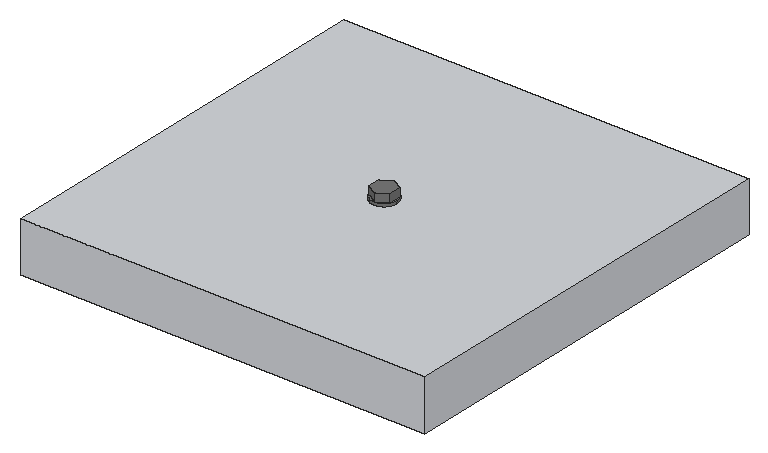
Revit family "Bolt l Type", category Modelos genéricos, Revit 2025
Family settings
  Anfitrión = Cara
  Puede alojar armadura = No
  Cota de conector redondo = Usar diámetro
  Tipo de pieza = Normal
  Corte con vacíos al cargar = No
  Mantener orientación de anotación = No
  Compartido = No
  Punto de cálculo de habitación = No
Parameters (values of type "Perno de Ø3"")
  Ø = 76.2 mm
  b = 100 mm
  Material = JG_Steel - Pernos
  Lookup Table Name = "Anchor & Bolt"
  L = 74 mm
  Default Elevation = 1219.2 mm
  10. SISTEMA = "ESTRUCTURAS"
  06. DESCRIPCION = "1 Tuerca de Acero Ø3\" para Unión y Fijación de Elementos Metálicos"
  03. CODIGO DE ELEMENTO = "MET-ARR-TUE-03"
  02. ELEMENTO = "Tuerca de Acero Ø3\""
Reference planes
  plane 1 "Center (Front/Back)": y = 0
  plane 2: z = 0
  plane 3 "Center (Left/Right)": x = 0
  plane 4: z = -174
  plane 5: z = -74
  plane 6: z = -124
  plane 7: z = -3
Forms (mm)
  Extrusion 1, solid
    sketch origin (0, 0, 0) x (1, 0, 0) y (0, 1, 0)
      loop
        line (-1219.2, 1219.2) -> (-1219.2, -1219.2) -> (1219.2, -1219.2) -> (1219.2, 1219.2) -> (-1219.2, 1219.2)
    from 0 to -304.8
  Sweep 2, solid, material "JG_Steel - Pernos" <- "Material"
    path origin (0, 0, 0) x (1, 0, 0) y (0, 0, 1)
      loop
        line (0, 0) -> (0, -74)
    profile origin (0, 0, -37) x (0, -1, 0) y (1, 0, 0)
      loop
        circle (0, 0) r 38.1
Dimensions and locks
  "L": level to plane 5
  "b": plane 5 to plane 4
  equal spacing: plane 5, plane 6, plane 4
  "Ø": diameter of Sweep 2 sketch curve
  aligned and locked: plane 2 to Extrusion 1
  aligned and locked: level to Extrusion 1
  aligned and locked: Sweep 2 sketch curve to plane 3 "Center (Left/Right)"
  aligned and locked: Extrusion 1 to Sweep 2 sketch curve
  aligned and locked: plane 3 "Center (Left/Right)" to Sweep 2 sketch curve
  aligned and locked: profile plane to plane 1 "Center (Front/Back)"
  aligned and locked: plane 5 to Sweep 2 sketch curve
  aligned and locked: plane 3 "Center (Left/Right)" to nested 1
  aligned and locked: plane 1 "Center (Front/Back)" to nested 1
  aligned and locked: nested 3 to plane 3 "Center (Left/Right)"
  aligned and locked: plane 1 "Center (Front/Back)" to nested 3
  aligned and locked: nested 2 to plane 3 "Center (Left/Right)"
  aligned and locked: nested 2 to plane 1 "Center (Front/Back)"
Automatic sketch dimensions
  Extrusion 1 sketch curve to Extrusion 1 sketch curve = 2438.4 mm  (x2)
  plane 1 "Center (Front/Back)" to Sweep 2 sketch curve = 0 mm
Nested families
  nested 1: "Rod with Detail free" at (0, 0, -74) x (0, -1, 0) z (0, 0, -1), Dimeter Rod Ø <- "Ø", Rod Length <- "b", type "Rod with Detail free"
    with Rod Length 100 mm, Dimeter Rod Ø 76.2 mm, Bar Ø 73.6 mm
  nested 2: "Bolt Head with Washer free" at (0, 0, 0) x (-1, 0, 0) z (0, 0, 1), Material <- "Material", Nominal Ø <- "Ø", type "Bolt Head with Washer free"
    with Nominal Ø 76.2 mm, Material JG_Steel - Pernos
  nested 3: "Bolt Head Nut with Washer free" at (0, 0, -74) x (-1, 0, 0) z (0, 0, -1), Material <- "Material", Nominal Ø <- "Ø", type "Bolt Head Nut with Washer free"
    with Nominal Ø 76.2 mm, Material JG_Steel - Pernos
Definition of nested family "Rod with Detail free"
  Parameters (values of type "Rod with Detail free")
    Rod Length [instance] = 70 mm
    Material = none
    Dimeter Rod Ø [instance] = 25.4 mm
    Default Elevation = 1219.2 mm
    Bar Ø [instance] = Dimeter Rod Ø - 2.6 mm  # 22.8 mm
  Reference planes
    plane 1 "Center (Front/Back)": y = 0
    plane 2: z = 0
    plane 3 "Center (Left/Right)": x = 0
    plane 4: z = 70
  Forms (mm)
    Extrusion 1, solid
      sketch origin (0, 0, 0) x (1, 0, 0) y (0, 1, 0)
        loop
          line (-1219.2, 1219.2) -> (-1219.2, -1219.2) -> (1219.2, -1219.2) -> (1219.2, 1219.2) -> (-1219.2, 1219.2)
      from 0 to -304.8
  Dimensions and locks
    "Rod Length": plane 4 to Extrusion 1
    aligned and locked: plane 2 to Extrusion 1
    aligned and locked: level to Extrusion 1
    aligned and locked: plane 1 "Center (Front/Back)" to nested 1
    aligned and locked: plane 3 "Center (Left/Right)" to nested 1
    aligned and locked: plane 1 "Center (Front/Back)" to nested 2
    aligned and locked: plane 3 "Center (Left/Right)" to nested 2
  Automatic sketch dimensions
    Extrusion 1 sketch curve to Extrusion 1 sketch curve = 2438.4 mm  (x2)
  Nested families
    nested 1: "Rod" at (0, 0, 0), Rod Material <- "Material", Rod L <- "Rod Length", Rod Ø <- "Bar Ø", type "Rod"
      with Rod Ø 22.8 mm, Rod Material none, Rod L 70 mm
    nested 2: "Rod Part" at (0, 0, 0), Rod Ø <- "Dimeter Rod Ø", Rod Length <- "Rod Length", type "Rod Part"
      with Rod Ø 25.4 mm, Rod radius 12.7 mm, Rod Length 70 mm, Array Numbers 46
  Definition of nested family "Rod"
    Parameters (values of type "Rod")
      Rod Ø [instance] = 32 mm
      Rod Material [instance] = none
      Rod L [instance] = 200 mm
      Default Elevation = 1219.2 mm
    Reference planes
      plane 1 "Center (Front/Back)": y = 0
      plane 2: z = 0
      plane 3 "Center (Left/Right)": x = 0
      plane 4: z = 200
    Forms (mm)
      Extrusion 1, solid
        sketch origin (0, 0, 0) x (1, 0, 0) y (0, 1, 0)
          loop
            line (-1219.2, 1219.2) -> (-1219.2, -1219.2) -> (1219.2, -1219.2) -> (1219.2, 1219.2) -> (-1219.2, 1219.2)
        from 0 to -304.8
      Extrusion 2, solid, material <- "Rod Material"
        sketch origin (0, 0, 0) x (1, 0, 0) y (0, 1, 0)
          loop
            circle (0, 0) r 16
        from 0 to 200
    Dimensions and locks
      "Rod L": plane 4 to Extrusion 1
      "Rod Ø": diameter of Extrusion 2 sketch curve
      aligned and locked: plane 2 to Extrusion 1
      aligned and locked: level to Extrusion 1
      aligned and locked: Extrusion 2 to Extrusion 1
      aligned and locked: plane 4 to Extrusion 2
    Automatic sketch dimensions
      Extrusion 1 sketch curve to Extrusion 1 sketch curve = 2438.4 mm  (x2)
      plane 1 "Center (Front/Back)" to Extrusion 2 sketch curve = 0 mm
      Extrusion 2 sketch curve to plane 3 "Center (Left/Right)" = 0 mm
  Definition of nested family "Rod Part"
    Parameters (values of type "Rod Part")
      Rod Ø [instance] = 16 mm
      Rod radius [instance] = Rod Ø / 2  # 8 mm
      Rod material = none
      Rod Length [instance] = 40 mm
      Default Elevation = 1219.2 mm
      Array Numbers [instance] = (Rod Length / 1.5 mm) - 1  # 26
    Reference planes
      plane 1 "Center (Front/Back)": y = 0
      plane 2: z = 0
      plane 3 "Center (Left/Right)": x = 0
      plane 4: x = 8
      plane 5: x = -8
      plane 6: z = 0.75
      plane 7: z = 2.25
      plane 8: z = 1.5
      plane 9: z = 40
      plane 10: z = 3
    Forms (mm)
      Extrusion 1, solid
        sketch origin (0, 0, 0) x (1, 0, 0) y (0, 1, 0)
          loop
            line (-1219.2, 1219.2) -> (-1219.2, -1219.2) -> (1219.2, -1219.2) -> (1219.2, 1219.2) -> (-1219.2, 1219.2)
        from 0 to -304.8
      SweptBlend 2, solid, material <- "Rod material"
        path origin (0, 0, -12.723) x (1, 0, 0) y (0, 1, 0)
          loop
            arc (-8, 0) -> (0, -8) -> (8, 0) r 8
        profile origin (-8, 0, -12.723) x (1, 0, 0) y (0, 0, 1)
          loop
            line (0, 12.75) -> (1.299, 12) -> (1.299, 13.5) -> (0, 12.75)
        end profile origin (8, 0, -12.723) x (-1, 0, 0) y (0, 0, 1)
          loop
            line (0, 12) -> (1.299, 11.25) -> (1.299, 12.75) -> (0, 12)
      SweptBlend 3, solid
        path origin (0, 0, -11.223) x (1, 0, 0) y (0, 1, 0)
          loop
            arc (-8, 0) -> (0, -8) -> (8, 0) r 8
        profile origin (-8, 0, -11.223) x (1, 0, 0) y (0, 0, 1)
          loop
            line (0, 12.75) -> (1.299, 12) -> (1.299, 13.5) -> (0, 12.75)
        end profile origin (8, 0, -11.223) x (-1, 0, 0) y (0, 0, 1)
          loop
            line (0, 12) -> (1.299, 11.25) -> (1.299, 12.75) -> (0, 12)
      SweptBlend 4, solid, material <- "Rod material"
        path origin (0, 0, -9.723) x (1, 0, 0) y (0, 1, 0)
          loop
            arc (-8, 0) -> (0, 8) -> (8, 0) r 8
        profile origin (-8, 0, -9.723) x (-1, 0, 0) y (0, 0, 1)
          loop
            line (0, 9.75) -> (-1.299, 10.5) -> (-1.299, 9) -> (0, 9.75)
        end profile origin (8, 0, -9.723) x (1, 0, 0) y (0, 0, 1)
          loop
            line (0, 10.5) -> (-1.299, 11.25) -> (-1.299, 9.75) -> (0, 10.5)
      SweptBlend 5, solid
        path origin (0, 0, -8.223) x (1, 0, 0) y (0, 1, 0)
          loop
            arc (-8, 0) -> (0, 8) -> (8, 0) r 8
        profile origin (-8, 0, -8.223) x (-1, 0, 0) y (0, 0, 1)
          loop
            line (0, 9.75) -> (-1.299, 10.5) -> (-1.299, 9) -> (0, 9.75)
        end profile origin (8, 0, -8.223) x (1, 0, 0) y (0, 0, 1)
          loop
            line (0, 10.5) -> (-1.299, 11.25) -> (-1.299, 9.75) -> (0, 10.5)
      SweptBlend 6, solid
        path origin (0, 0, -9.75) x (1, 0, 0) y (0, 1, 0)
          loop
            arc (-8, 0) -> (0, -8) -> (8, 0) r 8
        profile origin (-8, 0, -9.75) x (1, 0, 0) y (0, 0, 1)
          loop
            line (0, 12.75) -> (1.299, 12) -> (1.299, 13.5) -> (0, 12.75)
        end profile origin (8, 0, -9.75) x (-1, 0, 0) y (0, 0, 1)
          loop
            line (0, 12) -> (1.299, 11.25) -> (1.299, 12.75) -> (0, 12)
      SweptBlend 7, solid
        path origin (0, 0, -6.75) x (1, 0, 0) y (0, 1, 0)
          loop
            arc (-8, 0) -> (0, 8) -> (8, 0) r 8
        profile origin (-8, 0, -6.75) x (-1, 0, 0) y (0, 0, 1)
          loop
            line (0, 9.75) -> (-1.299, 10.5) -> (-1.299, 9) -> (0, 9.75)
        end profile origin (8, 0, -6.75) x (1, 0, 0) y (0, 0, 1)
          loop
            line (0, 10.5) -> (-1.299, 11.25) -> (-1.299, 9.75) -> (0, 10.5)
      SweptBlend 8, solid
        path origin (0, 0, -8.277) x (1, 0, 0) y (0, 1, 0)
          loop
            arc (-8, 0) -> (0, -8) -> (8, 0) r 8
        profile origin (-8, 0, -8.277) x (1, 0, 0) y (0, 0, 1)
          loop
            line (0, 12.75) -> (1.299, 12) -> (1.299, 13.5) -> (0, 12.75)
        end profile origin (8, 0, -8.277) x (-1, 0, 0) y (0, 0, 1)
          loop
            line (0, 12) -> (1.299, 11.25) -> (1.299, 12.75) -> (0, 12)
      SweptBlend 9, solid
        path origin (0, 0, -5.277) x (1, 0, 0) y (0, 1, 0)
          loop
            arc (-8, 0) -> (0, 8) -> (8, 0) r 8
        profile origin (-8, 0, -5.277) x (-1, 0, 0) y (0, 0, 1)
          loop
            line (0, 9.75) -> (-1.299, 10.5) -> (-1.299, 9) -> (0, 9.75)
        end profile origin (8, 0, -5.277) x (1, 0, 0) y (0, 0, 1)
          loop
            line (0, 10.5) -> (-1.299, 11.25) -> (-1.299, 9.75) -> (0, 10.5)
      SweptBlend 10, solid
        path origin (0, 0, -6.805) x (1, 0, 0) y (0, 1, 0)
          loop
            arc (-8, 0) -> (0, -8) -> (8, 0) r 8
        profile origin (-8, 0, -6.805) x (1, 0, 0) y (0, 0, 1)
          loop
            line (0, 12.75) -> (1.299, 12) -> (1.299, 13.5) -> (0, 12.75)
        end profile origin (8, 0, -6.805) x (-1, 0, 0) y (0, 0, 1)
          loop
            line (0, 12) -> (1.299, 11.25) -> (1.299, 12.75) -> (0, 12)
      SweptBlend 11, solid
        path origin (0, 0, -3.805) x (1, 0, 0) y (0, 1, 0)
          loop
            arc (-8, 0) -> (0, 8) -> (8, 0) r 8
        profile origin (-8, 0, -3.805) x (-1, 0, 0) y (0, 0, 1)
          loop
            line (0, 9.75) -> (-1.299, 10.5) -> (-1.299, 9) -> (0, 9.75)
        end profile origin (8, 0, -3.805) x (1, 0, 0) y (0, 0, 1)
          loop
            line (0, 10.5) -> (-1.299, 11.25) -> (-1.299, 9.75) -> (0, 10.5)
      SweptBlend 12, solid
        path origin (0, 0, -5.332) x (1, 0, 0) y (0, 1, 0)
          loop
            arc (-8, 0) -> (0, -8) -> (8, 0) r 8
        profile origin (-8, 0, -5.332) x (1, 0, 0) y (0, 0, 1)
          loop
            line (0, 12.75) -> (1.299, 12) -> (1.299, 13.5) -> (0, 12.75)
        end profile origin (8, 0, -5.332) x (-1, 0, 0) y (0, 0, 1)
          loop
            line (0, 12) -> (1.299, 11.25) -> (1.299, 12.75) -> (0, 12)
      SweptBlend 13, solid
        path origin (0, 0, -2.332) x (1, 0, 0) y (0, 1, 0)
          loop
            arc (-8, 0) -> (0, 8) -> (8, 0) r 8
        profile origin (-8, 0, -2.332) x (-1, 0, 0) y (0, 0, 1)
          loop
            line (0, 9.75) -> (-1.299, 10.5) -> (-1.299, 9) -> (0, 9.75)
        end profile origin (8, 0, -2.332) x (1, 0, 0) y (0, 0, 1)
          loop
            line (0, 10.5) -> (-1.299, 11.25) -> (-1.299, 9.75) -> (0, 10.5)
      SweptBlend 14, solid
        path origin (0, 0, -3.86) x (1, 0, 0) y (0, 1, 0)
          loop
            arc (-8, 0) -> (0, -8) -> (8, 0) r 8
        profile origin (-8, 0, -3.86) x (1, 0, 0) y (0, 0, 1)
          loop
            line (0, 12.75) -> (1.299, 12) -> (1.299, 13.5) -> (0, 12.75)
        end profile origin (8, 0, -3.86) x (-1, 0, 0) y (0, 0, 1)
          loop
            line (0, 12) -> (1.299, 11.25) -> (1.299, 12.75) -> (0, 12)
      SweptBlend 15, solid
        path origin (0, 0, -0.86) x (1, 0, 0) y (0, 1, 0)
          loop
            arc (-8, 0) -> (0, 8) -> (8, 0) r 8
        profile origin (-8, 0, -0.86) x (-1, 0, 0) y (0, 0, 1)
          loop
            line (0, 9.75) -> (-1.299, 10.5) -> (-1.299, 9) -> (0, 9.75)
        end profile origin (8, 0, -0.86) x (1, 0, 0) y (0, 0, 1)
          loop
            line (0, 10.5) -> (-1.299, 11.25) -> (-1.299, 9.75) -> (0, 10.5)
      SweptBlend 16, solid
        path origin (0, 0, -2.387) x (1, 0, 0) y (0, 1, 0)
          loop
            arc (-8, 0) -> (0, -8) -> (8, 0) r 8
        profile origin (-8, 0, -2.387) x (1, 0, 0) y (0, 0, 1)
          loop
            line (0, 12.75) -> (1.299, 12) -> (1.299, 13.5) -> (0, 12.75)
        end profile origin (8, 0, -2.387) x (-1, 0, 0) y (0, 0, 1)
          loop
            line (0, 12) -> (1.299, 11.25) -> (1.299, 12.75) -> (0, 12)
      SweptBlend 17, solid
        path origin (0, 0, 0.613) x (1, 0, 0) y (0, 1, 0)
          loop
            arc (-8, 0) -> (0, 8) -> (8, 0) r 8
        profile origin (-8, 0, 0.613) x (-1, 0, 0) y (0, 0, 1)
          loop
            line (0, 9.75) -> (-1.299, 10.5) -> (-1.299, 9) -> (0, 9.75)
        end profile origin (8, 0, 0.613) x (1, 0, 0) y (0, 0, 1)
          loop
            line (0, 10.5) -> (-1.299, 11.25) -> (-1.299, 9.75) -> (0, 10.5)
      SweptBlend 18, solid
        path origin (0, 0, -0.915) x (1, 0, 0) y (0, 1, 0)
          loop
            arc (-8, 0) -> (0, -8) -> (8, 0) r 8
        profile origin (-8, 0, -0.915) x (1, 0, 0) y (0, 0, 1)
          loop
            line (0, 12.75) -> (1.299, 12) -> (1.299, 13.5) -> (0, 12.75)
        end profile origin (8, 0, -0.915) x (-1, 0, 0) y (0, 0, 1)
          loop
            line (0, 12) -> (1.299, 11.25) -> (1.299, 12.75) -> (0, 12)
      SweptBlend 19, solid
        path origin (0, 0, 2.085) x (1, 0, 0) y (0, 1, 0)
          loop
            arc (-8, 0) -> (0, 8) -> (8, 0) r 8
        profile origin (-8, 0, 2.085) x (-1, 0, 0) y (0, 0, 1)
          loop
            line (0, 9.75) -> (-1.299, 10.5) -> (-1.299, 9) -> (0, 9.75)
        end profile origin (8, 0, 2.085) x (1, 0, 0) y (0, 0, 1)
          loop
            line (0, 10.5) -> (-1.299, 11.25) -> (-1.299, 9.75) -> (0, 10.5)
      SweptBlend 20, solid
        path origin (0, 0, 0.558) x (1, 0, 0) y (0, 1, 0)
          loop
            arc (-8, 0) -> (0, -8) -> (8, 0) r 8
        profile origin (-8, 0, 0.558) x (1, 0, 0) y (0, 0, 1)
          loop
            line (0, 12.75) -> (1.299, 12) -> (1.299, 13.5) -> (0, 12.75)
        end profile origin (8, 0, 0.558) x (-1, 0, 0) y (0, 0, 1)
          loop
            line (0, 12) -> (1.299, 11.25) -> (1.299, 12.75) -> (0, 12)
      SweptBlend 21, solid
        path origin (0, 0, 3.558) x (1, 0, 0) y (0, 1, 0)
          loop
            arc (-8, 0) -> (0, 8) -> (8, 0) r 8
        profile origin (-8, 0, 3.558) x (-1, 0, 0) y (0, 0, 1)
          loop
            line (0, 9.75) -> (-1.299, 10.5) -> (-1.299, 9) -> (0, 9.75)
        end profile origin (8, 0, 3.558) x (1, 0, 0) y (0, 0, 1)
          loop
            line (0, 10.5) -> (-1.299, 11.25) -> (-1.299, 9.75) -> (0, 10.5)
      SweptBlend 22, solid
        path origin (0, 0, 2.031) x (1, 0, 0) y (0, 1, 0)
          loop
            arc (-8, 0) -> (0, -8) -> (8, 0) r 8
        profile origin (-8, 0, 2.031) x (1, 0, 0) y (0, 0, 1)
          loop
            line (0, 12.75) -> (1.299, 12) -> (1.299, 13.5) -> (0, 12.75)
        end profile origin (8, 0, 2.031) x (-1, 0, 0) y (0, 0, 1)
          loop
            line (0, 12) -> (1.299, 11.25) -> (1.299, 12.75) -> (0, 12)
      SweptBlend 23, solid
        path origin (0, 0, 5.031) x (1, 0, 0) y (0, 1, 0)
          loop
            arc (-8, 0) -> (0, 8) -> (8, 0) r 8
        profile origin (-8, 0, 5.031) x (-1, 0, 0) y (0, 0, 1)
          loop
            line (0, 9.75) -> (-1.299, 10.5) -> (-1.299, 9) -> (0, 9.75)
        end profile origin (8, 0, 5.031) x (1, 0, 0) y (0, 0, 1)
          loop
            line (0, 10.5) -> (-1.299, 11.25) -> (-1.299, 9.75) -> (0, 10.5)
      SweptBlend 24, solid
        path origin (0, 0, 3.503) x (1, 0, 0) y (0, 1, 0)
          loop
            arc (-8, 0) -> (0, -8) -> (8, 0) r 8
        profile origin (-8, 0, 3.503) x (1, 0, 0) y (0, 0, 1)
          loop
            line (0, 12.75) -> (1.299, 12) -> (1.299, 13.5) -> (0, 12.75)
        end profile origin (8, 0, 3.503) x (-1, 0, 0) y (0, 0, 1)
          loop
            line (0, 12) -> (1.299, 11.25) -> (1.299, 12.75) -> (0, 12)
      SweptBlend 25, solid
        path origin (0, 0, 6.503) x (1, 0, 0) y (0, 1, 0)
          loop
            arc (-8, 0) -> (0, 8) -> (8, 0) r 8
        profile origin (-8, 0, 6.503) x (-1, 0, 0) y (0, 0, 1)
          loop
            line (0, 9.75) -> (-1.299, 10.5) -> (-1.299, 9) -> (0, 9.75)
        end profile origin (8, 0, 6.503) x (1, 0, 0) y (0, 0, 1)
          loop
            line (0, 10.5) -> (-1.299, 11.25) -> (-1.299, 9.75) -> (0, 10.5)
      SweptBlend 26, solid
        path origin (0, 0, 4.976) x (1, 0, 0) y (0, 1, 0)
          loop
            arc (-8, 0) -> (0, -8) -> (8, 0) r 8
        profile origin (-8, 0, 4.976) x (1, 0, 0) y (0, 0, 1)
          loop
            line (0, 12.75) -> (1.299, 12) -> (1.299, 13.5) -> (0, 12.75)
        end profile origin (8, 0, 4.976) x (-1, 0, 0) y (0, 0, 1)
          loop
            line (0, 12) -> (1.299, 11.25) -> (1.299, 12.75) -> (0, 12)
      SweptBlend 27, solid
        path origin (0, 0, 7.976) x (1, 0, 0) y (0, 1, 0)
          loop
            arc (-8, 0) -> (0, 8) -> (8, 0) r 8
        profile origin (-8, 0, 7.976) x (-1, 0, 0) y (0, 0, 1)
          loop
            line (0, 9.75) -> (-1.299, 10.5) -> (-1.299, 9) -> (0, 9.75)
        end profile origin (8, 0, 7.976) x (1, 0, 0) y (0, 0, 1)
          loop
            line (0, 10.5) -> (-1.299, 11.25) -> (-1.299, 9.75) -> (0, 10.5)
      SweptBlend 28, solid
        path origin (0, 0, 6.448) x (1, 0, 0) y (0, 1, 0)
          loop
            arc (-8, 0) -> (0, -8) -> (8, 0) r 8
        profile origin (-8, 0, 6.448) x (1, 0, 0) y (0, 0, 1)
          loop
            line (0, 12.75) -> (1.299, 12) -> (1.299, 13.5) -> (0, 12.75)
        end profile origin (8, 0, 6.448) x (-1, 0, 0) y (0, 0, 1)
          loop
            line (0, 12) -> (1.299, 11.25) -> (1.299, 12.75) -> (0, 12)
      SweptBlend 29, solid
        path origin (0, 0, 9.448) x (1, 0, 0) y (0, 1, 0)
          loop
            arc (-8, 0) -> (0, 8) -> (8, 0) r 8
        profile origin (-8, 0, 9.448) x (-1, 0, 0) y (0, 0, 1)
          loop
            line (0, 9.75) -> (-1.299, 10.5) -> (-1.299, 9) -> (0, 9.75)
        end profile origin (8, 0, 9.448) x (1, 0, 0) y (0, 0, 1)
          loop
            line (0, 10.5) -> (-1.299, 11.25) -> (-1.299, 9.75) -> (0, 10.5)
      SweptBlend 30, solid
        path origin (0, 0, 7.921) x (1, 0, 0) y (0, 1, 0)
          loop
            arc (-8, 0) -> (0, -8) -> (8, 0) r 8
        profile origin (-8, 0, 7.921) x (1, 0, 0) y (0, 0, 1)
          loop
            line (0, 12.75) -> (1.299, 12) -> (1.299, 13.5) -> (0, 12.75)
        end profile origin (8, 0, 7.921) x (-1, 0, 0) y (0, 0, 1)
          loop
            line (0, 12) -> (1.299, 11.25) -> (1.299, 12.75) -> (0, 12)
      SweptBlend 31, solid
        path origin (0, 0, 10.921) x (1, 0, 0) y (0, 1, 0)
          loop
            arc (-8, 0) -> (0, 8) -> (8, 0) r 8
        profile origin (-8, 0, 10.921) x (-1, 0, 0) y (0, 0, 1)
          loop
            line (0, 9.75) -> (-1.299, 10.5) -> (-1.299, 9) -> (0, 9.75)
        end profile origin (8, 0, 10.921) x (1, 0, 0) y (0, 0, 1)
          loop
            line (0, 10.5) -> (-1.299, 11.25) -> (-1.299, 9.75) -> (0, 10.5)
      SweptBlend 32, solid
        path origin (0, 0, 9.393) x (1, 0, 0) y (0, 1, 0)
          loop
            arc (-8, 0) -> (0, -8) -> (8, 0) r 8
        profile origin (-8, 0, 9.393) x (1, 0, 0) y (0, 0, 1)
          loop
            line (0, 12.75) -> (1.299, 12) -> (1.299, 13.5) -> (0, 12.75)
        end profile origin (8, 0, 9.393) x (-1, 0, 0) y (0, 0, 1)
          loop
            line (0, 12) -> (1.299, 11.25) -> (1.299, 12.75) -> (0, 12)
      SweptBlend 33, solid
        path origin (0, 0, 12.393) x (1, 0, 0) y (0, 1, 0)
          loop
            arc (-8, 0) -> (0, 8) -> (8, 0) r 8
        profile origin (-8, 0, 12.393) x (-1, 0, 0) y (0, 0, 1)
          loop
            line (0, 9.75) -> (-1.299, 10.5) -> (-1.299, 9) -> (0, 9.75)
        end profile origin (8, 0, 12.393) x (1, 0, 0) y (0, 0, 1)
          loop
            line (0, 10.5) -> (-1.299, 11.25) -> (-1.299, 9.75) -> (0, 10.5)
      SweptBlend 34, solid
        path origin (0, 0, 10.866) x (1, 0, 0) y (0, 1, 0)
          loop
            arc (-8, 0) -> (0, -8) -> (8, 0) r 8
        profile origin (-8, 0, 10.866) x (1, 0, 0) y (0, 0, 1)
          loop
            line (0, 12.75) -> (1.299, 12) -> (1.299, 13.5) -> (0, 12.75)
        end profile origin (8, 0, 10.866) x (-1, 0, 0) y (0, 0, 1)
          loop
            line (0, 12) -> (1.299, 11.25) -> (1.299, 12.75) -> (0, 12)
      SweptBlend 35, solid
        path origin (0, 0, 13.866) x (1, 0, 0) y (0, 1, 0)
          loop
            arc (-8, 0) -> (0, 8) -> (8, 0) r 8
        profile origin (-8, 0, 13.866) x (-1, 0, 0) y (0, 0, 1)
          loop
            line (0, 9.75) -> (-1.299, 10.5) -> (-1.299, 9) -> (0, 9.75)
        end profile origin (8, 0, 13.866) x (1, 0, 0) y (0, 0, 1)
          loop
            line (0, 10.5) -> (-1.299, 11.25) -> (-1.299, 9.75) -> (0, 10.5)
      SweptBlend 36, solid
        path origin (0, 0, 12.339) x (1, 0, 0) y (0, 1, 0)
          loop
            arc (-8, 0) -> (0, -8) -> (8, 0) r 8
        profile origin (-8, 0, 12.339) x (1, 0, 0) y (0, 0, 1)
          loop
            line (0, 12.75) -> (1.299, 12) -> (1.299, 13.5) -> (0, 12.75)
        end profile origin (8, 0, 12.339) x (-1, 0, 0) y (0, 0, 1)
          loop
            line (0, 12) -> (1.299, 11.25) -> (1.299, 12.75) -> (0, 12)
      SweptBlend 37, solid
        path origin (0, 0, 15.339) x (1, 0, 0) y (0, 1, 0)
          loop
            arc (-8, 0) -> (0, 8) -> (8, 0) r 8
        profile origin (-8, 0, 15.339) x (-1, 0, 0) y (0, 0, 1)
          loop
            line (0, 9.75) -> (-1.299, 10.5) -> (-1.299, 9) -> (0, 9.75)
        end profile origin (8, 0, 15.339) x (1, 0, 0) y (0, 0, 1)
          loop
            line (0, 10.5) -> (-1.299, 11.25) -> (-1.299, 9.75) -> (0, 10.5)
      SweptBlend 38, solid
        path origin (0, 0, 13.811) x (1, 0, 0) y (0, 1, 0)
          loop
            arc (-8, 0) -> (0, -8) -> (8, 0) r 8
        profile origin (-8, 0, 13.811) x (1, 0, 0) y (0, 0, 1)
          loop
            line (0, 12.75) -> (1.299, 12) -> (1.299, 13.5) -> (0, 12.75)
        end profile origin (8, 0, 13.811) x (-1, 0, 0) y (0, 0, 1)
          loop
            line (0, 12) -> (1.299, 11.25) -> (1.299, 12.75) -> (0, 12)
      SweptBlend 39, solid
        path origin (0, 0, 16.811) x (1, 0, 0) y (0, 1, 0)
          loop
            arc (-8, 0) -> (0, 8) -> (8, 0) r 8
        profile origin (-8, 0, 16.811) x (-1, 0, 0) y (0, 0, 1)
          loop
            line (0, 9.75) -> (-1.299, 10.5) -> (-1.299, 9) -> (0, 9.75)
        end profile origin (8, 0, 16.811) x (1, 0, 0) y (0, 0, 1)
          loop
            line (0, 10.5) -> (-1.299, 11.25) -> (-1.299, 9.75) -> (0, 10.5)
      SweptBlend 40, solid
        path origin (0, 0, 15.284) x (1, 0, 0) y (0, 1, 0)
          loop
            arc (-8, 0) -> (0, -8) -> (8, 0) r 8
        profile origin (-8, 0, 15.284) x (1, 0, 0) y (0, 0, 1)
          loop
            line (0, 12.75) -> (1.299, 12) -> (1.299, 13.5) -> (0, 12.75)
        end profile origin (8, 0, 15.284) x (-1, 0, 0) y (0, 0, 1)
          loop
            line (0, 12) -> (1.299, 11.25) -> (1.299, 12.75) -> (0, 12)
      SweptBlend 41, solid
        path origin (0, 0, 18.284) x (1, 0, 0) y (0, 1, 0)
          loop
            arc (-8, 0) -> (0, 8) -> (8, 0) r 8
        profile origin (-8, 0, 18.284) x (-1, 0, 0) y (0, 0, 1)
          loop
            line (0, 9.75) -> (-1.299, 10.5) -> (-1.299, 9) -> (0, 9.75)
        end profile origin (8, 0, 18.284) x (1, 0, 0) y (0, 0, 1)
          loop
            line (0, 10.5) -> (-1.299, 11.25) -> (-1.299, 9.75) -> (0, 10.5)
      SweptBlend 42, solid
        path origin (0, 0, 16.756) x (1, 0, 0) y (0, 1, 0)
          loop
            arc (-8, 0) -> (0, -8) -> (8, 0) r 8
        profile origin (-8, 0, 16.756) x (1, 0, 0) y (0, 0, 1)
          loop
            line (0, 12.75) -> (1.299, 12) -> (1.299, 13.5) -> (0, 12.75)
        end profile origin (8, 0, 16.756) x (-1, 0, 0) y (0, 0, 1)
          loop
            line (0, 12) -> (1.299, 11.25) -> (1.299, 12.75) -> (0, 12)
      SweptBlend 43, solid
        path origin (0, 0, 19.756) x (1, 0, 0) y (0, 1, 0)
          loop
            arc (-8, 0) -> (0, 8) -> (8, 0) r 8
        profile origin (-8, 0, 19.756) x (-1, 0, 0) y (0, 0, 1)
          loop
            line (0, 9.75) -> (-1.299, 10.5) -> (-1.299, 9) -> (0, 9.75)
        end profile origin (8, 0, 19.756) x (1, 0, 0) y (0, 0, 1)
          loop
            line (0, 10.5) -> (-1.299, 11.25) -> (-1.299, 9.75) -> (0, 10.5)
      SweptBlend 44, solid
        path origin (0, 0, 18.229) x (1, 0, 0) y (0, 1, 0)
          loop
            arc (-8, 0) -> (0, -8) -> (8, 0) r 8
        profile origin (-8, 0, 18.229) x (1, 0, 0) y (0, 0, 1)
          loop
            line (0, 12.75) -> (1.299, 12) -> (1.299, 13.5) -> (0, 12.75)
        end profile origin (8, 0, 18.229) x (-1, 0, 0) y (0, 0, 1)
          loop
            line (0, 12) -> (1.299, 11.25) -> (1.299, 12.75) -> (0, 12)
      SweptBlend 45, solid
        path origin (0, 0, 21.229) x (1, 0, 0) y (0, 1, 0)
          loop
            arc (-8, 0) -> (0, 8) -> (8, 0) r 8
        profile origin (-8, 0, 21.229) x (-1, 0, 0) y (0, 0, 1)
          loop
            line (0, 9.75) -> (-1.299, 10.5) -> (-1.299, 9) -> (0, 9.75)
        end profile origin (8, 0, 21.229) x (1, 0, 0) y (0, 0, 1)
          loop
            line (0, 10.5) -> (-1.299, 11.25) -> (-1.299, 9.75) -> (0, 10.5)
      SweptBlend 46, solid
        path origin (0, 0, 19.701) x (1, 0, 0) y (0, 1, 0)
          loop
            arc (-8, 0) -> (0, -8) -> (8, 0) r 8
        profile origin (-8, 0, 19.701) x (1, 0, 0) y (0, 0, 1)
          loop
            line (0, 12.75) -> (1.299, 12) -> (1.299, 13.5) -> (0, 12.75)
        end profile origin (8, 0, 19.701) x (-1, 0, 0) y (0, 0, 1)
          loop
            line (0, 12) -> (1.299, 11.25) -> (1.299, 12.75) -> (0, 12)
      SweptBlend 47, solid
        path origin (0, 0, 22.701) x (1, 0, 0) y (0, 1, 0)
          loop
            arc (-8, 0) -> (0, 8) -> (8, 0) r 8
        profile origin (-8, 0, 22.701) x (-1, 0, 0) y (0, 0, 1)
          loop
            line (0, 9.75) -> (-1.299, 10.5) -> (-1.299, 9) -> (0, 9.75)
        end profile origin (8, 0, 22.701) x (1, 0, 0) y (0, 0, 1)
          loop
            line (0, 10.5) -> (-1.299, 11.25) -> (-1.299, 9.75) -> (0, 10.5)
      SweptBlend 48, solid
        path origin (0, 0, 21.174) x (1, 0, 0) y (0, 1, 0)
          loop
            arc (-8, 0) -> (0, -8) -> (8, 0) r 8
        profile origin (-8, 0, 21.174) x (1, 0, 0) y (0, 0, 1)
          loop
            line (0, 12.75) -> (1.299, 12) -> (1.299, 13.5) -> (0, 12.75)
        end profile origin (8, 0, 21.174) x (-1, 0, 0) y (0, 0, 1)
          loop
            line (0, 12) -> (1.299, 11.25) -> (1.299, 12.75) -> (0, 12)
      SweptBlend 49, solid
        path origin (0, 0, 24.174) x (1, 0, 0) y (0, 1, 0)
          loop
            arc (-8, 0) -> (0, 8) -> (8, 0) r 8
        profile origin (-8, 0, 24.174) x (-1, 0, 0) y (0, 0, 1)
          loop
            line (0, 9.75) -> (-1.299, 10.5) -> (-1.299, 9) -> (0, 9.75)
        end profile origin (8, 0, 24.174) x (1, 0, 0) y (0, 0, 1)
          loop
            line (0, 10.5) -> (-1.299, 11.25) -> (-1.299, 9.75) -> (0, 10.5)
      SweptBlend 50, solid
        path origin (0, 0, 22.647) x (1, 0, 0) y (0, 1, 0)
          loop
            arc (-8, 0) -> (0, -8) -> (8, 0) r 8
        profile origin (-8, 0, 22.647) x (1, 0, 0) y (0, 0, 1)
          loop
            line (0, 12.75) -> (1.299, 12) -> (1.299, 13.5) -> (0, 12.75)
        end profile origin (8, 0, 22.647) x (-1, 0, 0) y (0, 0, 1)
          loop
            line (0, 12) -> (1.299, 11.25) -> (1.299, 12.75) -> (0, 12)
      SweptBlend 51, solid
        path origin (0, 0, 25.647) x (1, 0, 0) y (0, 1, 0)
          loop
            arc (-8, 0) -> (0, 8) -> (8, 0) r 8
        profile origin (-8, 0, 25.647) x (-1, 0, 0) y (0, 0, 1)
          loop
            line (0, 9.75) -> (-1.299, 10.5) -> (-1.299, 9) -> (0, 9.75)
        end profile origin (8, 0, 25.647) x (1, 0, 0) y (0, 0, 1)
          loop
            line (0, 10.5) -> (-1.299, 11.25) -> (-1.299, 9.75) -> (0, 10.5)
      SweptBlend 52, solid, material <- "Rod material"
        path origin (0, 0, 24.119) x (1, 0, 0) y (0, 1, 0)
          loop
            arc (-8, 0) -> (0, -8) -> (8, 0) r 8
        profile origin (-8, 0, 24.119) x (1, 0, 0) y (0, 0, 1)
          loop
            line (0, 12.75) -> (1.299, 12) -> (1.299, 13.5) -> (0, 12.75)
        end profile origin (8, 0, 24.119) x (-1, 0, 0) y (0, 0, 1)
          loop
            line (0, 12) -> (1.299, 11.25) -> (1.299, 12.75) -> (0, 12)
      SweptBlend 53, solid, material <- "Rod material"
        path origin (0, 0, 27.119) x (1, 0, 0) y (0, 1, 0)
          loop
            arc (-8, 0) -> (0, 8) -> (8, 0) r 8
        profile origin (-8, 0, 27.119) x (-1, 0, 0) y (0, 0, 1)
          loop
            line (0, 9.75) -> (-1.299, 10.5) -> (-1.299, 9) -> (0, 9.75)
        end profile origin (8, 0, 27.119) x (1, 0, 0) y (0, 0, 1)
          loop
            line (0, 10.5) -> (-1.299, 11.25) -> (-1.299, 9.75) -> (0, 10.5)
      SweptBlend 54, solid
        path origin (0, 0, 25.592) x (1, 0, 0) y (0, 1, 0)
          loop
            arc (-8, 0) -> (0, -8) -> (8, 0) r 8
        profile origin (-8, 0, 25.592) x (1, 0, 0) y (0, 0, 1)
          loop
            line (0, 12.75) -> (1.299, 12) -> (1.299, 13.5) -> (0, 12.75)
        end profile origin (8, 0, 25.592) x (-1, 0, 0) y (0, 0, 1)
          loop
            line (0, 12) -> (1.299, 11.25) -> (1.299, 12.75) -> (0, 12)
      SweptBlend 55, solid
        path origin (0, 0, 28.592) x (1, 0, 0) y (0, 1, 0)
          loop
            arc (-8, 0) -> (0, 8) -> (8, 0) r 8
        profile origin (-8, 0, 28.592) x (-1, 0, 0) y (0, 0, 1)
          loop
            line (0, 9.75) -> (-1.299, 10.5) -> (-1.299, 9) -> (0, 9.75)
        end profile origin (8, 0, 28.592) x (1, 0, 0) y (0, 0, 1)
          loop
            line (0, 10.5) -> (-1.299, 11.25) -> (-1.299, 9.75) -> (0, 10.5)
    Dimensions and locks
      equal spacing: plane 5, plane 3 "Center (Left/Right)", plane 4
      "Rod Ø": plane 5 to plane 4
      plane 6 to Extrusion 1 = 0.75 mm
      "Rod Length": plane 9 to Extrusion 1
      equal spacing: group 1, group 2, group 3, group 4, group 5, group 6, group 7, group 8, group 9, group 10, group 11, group 12, group 13, group 14, group 15, group 16, group 17, group 18, group 19, group 20, group 21, group 22, group 23, group 24, group 25, group 26  (x3)
      "Rod radius": radius of SweptBlend 2 sketch curve
      "Rod radius": radius of SweptBlend 3 sketch curve
      "Rod radius": radius of SweptBlend 4 sketch curve
      "Rod radius": radius of SweptBlend 5 sketch curve
      "Rod radius": radius of SweptBlend 6 sketch curve
      "Rod radius": radius of SweptBlend 7 sketch curve
      "Rod radius": radius of SweptBlend 8 sketch curve
      "Rod radius": radius of SweptBlend 9 sketch curve
      "Rod radius": radius of SweptBlend 10 sketch curve
      "Rod radius": radius of SweptBlend 11 sketch curve
      "Rod radius": radius of SweptBlend 12 sketch curve
      "Rod radius": radius of SweptBlend 13 sketch curve
      "Rod radius": radius of SweptBlend 14 sketch curve
      "Rod radius": radius of SweptBlend 15 sketch curve
      "Rod radius": radius of SweptBlend 16 sketch curve
      "Rod radius": radius of SweptBlend 17 sketch curve
      "Rod radius": radius of SweptBlend 18 sketch curve
      "Rod radius": radius of SweptBlend 19 sketch curve
      "Rod radius": radius of SweptBlend 20 sketch curve
      "Rod radius": radius of SweptBlend 21 sketch curve
      "Rod radius": radius of SweptBlend 22 sketch curve
      "Rod radius": radius of SweptBlend 23 sketch curve
      "Rod radius": radius of SweptBlend 24 sketch curve
      "Rod radius": radius of SweptBlend 25 sketch curve
      "Rod radius": radius of SweptBlend 26 sketch curve
      "Rod radius": radius of SweptBlend 27 sketch curve
      "Rod radius": radius of SweptBlend 28 sketch curve
      "Rod radius": radius of SweptBlend 29 sketch curve
      "Rod radius": radius of SweptBlend 30 sketch curve
      "Rod radius": radius of SweptBlend 31 sketch curve
      "Rod radius": radius of SweptBlend 32 sketch curve
      "Rod radius": radius of SweptBlend 33 sketch curve
      "Rod radius": radius of SweptBlend 34 sketch curve
      "Rod radius": radius of SweptBlend 35 sketch curve
      "Rod radius": radius of SweptBlend 36 sketch curve
      "Rod radius": radius of SweptBlend 37 sketch curve
      "Rod radius": radius of SweptBlend 38 sketch curve
      "Rod radius": radius of SweptBlend 39 sketch curve
      "Rod radius": radius of SweptBlend 40 sketch curve
      "Rod radius": radius of SweptBlend 41 sketch curve
      "Rod radius": radius of SweptBlend 42 sketch curve
      "Rod radius": radius of SweptBlend 43 sketch curve
      "Rod radius": radius of SweptBlend 44 sketch curve
      "Rod radius": radius of SweptBlend 45 sketch curve
      "Rod radius": radius of SweptBlend 46 sketch curve
      "Rod radius": radius of SweptBlend 47 sketch curve
      "Rod radius": radius of SweptBlend 48 sketch curve
      "Rod radius": radius of SweptBlend 49 sketch curve
      "Rod radius": radius of SweptBlend 50 sketch curve
      "Rod radius": radius of SweptBlend 51 sketch curve
      "Rod radius": radius of SweptBlend 52 sketch curve
      "Rod radius": radius of SweptBlend 53 sketch curve
      "Rod radius": radius of SweptBlend 54 sketch curve
      "Rod radius": radius of SweptBlend 55 sketch curve
      aligned and locked: plane 2 to Extrusion 1
      aligned and locked: level to Extrusion 1
    Automatic sketch dimensions
      Extrusion 1 sketch curve to Extrusion 1 sketch curve = 2438.4 mm  (x2)
      profile plane to SweptBlend 2 sketch curve = 0 mm
      SweptBlend 2 sketch curve to profile plane = 1.299 mm  (x2)
      profile plane to SweptBlend 2 sketch curve = 12 mm
      SweptBlend 2 sketch curve to SweptBlend 2 sketch curve = 0.75 mm  (x4)
      SweptBlend 2 sketch curve to profile plane = 0 mm
      profile plane to SweptBlend 3 sketch curve = 0 mm  (x2)
      SweptBlend 3 sketch curve to profile plane = 1.299 mm  (x4)
      profile plane to SweptBlend 3 sketch curve = 12 mm  (x2)
      SweptBlend 3 sketch curve to profile plane = 0 mm  (x2)
      SweptBlend 4 sketch curve to profile plane = 0 mm
      profile plane to SweptBlend 4 sketch curve = 1.299 mm  (x2)
      SweptBlend 4 sketch curve to SweptBlend 4 sketch curve = 0.75 mm  (x2)
      SweptBlend 4 sketch curve to SweptBlend 4 sketch curve = 1.5 mm  (x2)
      profile plane to SweptBlend 4 sketch curve = 0 mm
      SweptBlend 5 sketch curve to profile plane = 0 mm  (x2)
      profile plane to SweptBlend 5 sketch curve = 1.299 mm  (x4)
      profile plane to SweptBlend 5 sketch curve = 9 mm  (x2)
      profile plane to SweptBlend 5 sketch curve = 0 mm  (x2)
      SweptBlend 5 sketch curve to SweptBlend 5 sketch curve = 0.75 mm  (x2)
      SweptBlend 5 sketch curve to SweptBlend 5 sketch curve = 1.5 mm  (x2)
      profile plane to SweptBlend 2 sketch curve = 11.25 mm
      profile plane to SweptBlend 4 sketch curve = 9 mm
      profile plane to SweptBlend 4 sketch curve = 9.75 mm
      SweptBlend 3 sketch curve to SweptBlend 3 sketch curve = 0.75 mm  (x4)
      profile plane to SweptBlend 3 sketch curve = 11.25 mm
      profile plane to SweptBlend 5 sketch curve = 9.75 mm
      SweptBlend 7 sketch curve to SweptBlend 7 sketch curve = 0.75 mm  (x2)
      SweptBlend 7 sketch curve to SweptBlend 7 sketch curve = 1.5 mm  (x2)
      SweptBlend 6 sketch curve to SweptBlend 6 sketch curve = 0.75 mm  (x4)
      profile plane to SweptBlend 6 sketch curve = 11.25 mm
      SweptBlend 7 sketch curve to profile plane = 0 mm
      profile plane to SweptBlend 7 sketch curve = 1.299 mm  (x2)
      profile plane to SweptBlend 7 sketch curve = 9 mm
      profile plane to SweptBlend 7 sketch curve = 0 mm
      profile plane to SweptBlend 7 sketch curve = 9.75 mm
      profile plane to SweptBlend 6 sketch curve = 0 mm
      SweptBlend 6 sketch curve to profile plane = 1.299 mm  (x2)
      profile plane to SweptBlend 6 sketch curve = 12 mm
      SweptBlend 6 sketch curve to profile plane = 0 mm
      SweptBlend 9 sketch curve to SweptBlend 9 sketch curve = 0.75 mm  (x2)
      SweptBlend 9 sketch curve to SweptBlend 9 sketch curve = 1.5 mm  (x2)
      SweptBlend 8 sketch curve to SweptBlend 8 sketch curve = 0.75 mm  (x4)
      profile plane to SweptBlend 8 sketch curve = 11.25 mm
      SweptBlend 9 sketch curve to profile plane = 0 mm
      profile plane to SweptBlend 9 sketch curve = 1.299 mm  (x2)
      profile plane to SweptBlend 9 sketch curve = 9 mm
      profile plane to SweptBlend 9 sketch curve = 0 mm
      profile plane to SweptBlend 9 sketch curve = 9.75 mm
      profile plane to SweptBlend 8 sketch curve = 0 mm
      SweptBlend 8 sketch curve to profile plane = 1.299 mm  (x2)
      profile plane to SweptBlend 8 sketch curve = 12 mm
      SweptBlend 8 sketch curve to profile plane = 0 mm
      SweptBlend 11 sketch curve to SweptBlend 11 sketch curve = 0.75 mm  (x2)
      SweptBlend 11 sketch curve to SweptBlend 11 sketch curve = 1.5 mm  (x2)
      SweptBlend 10 sketch curve to SweptBlend 10 sketch curve = 0.75 mm  (x4)
      profile plane to SweptBlend 10 sketch curve = 11.25 mm
      SweptBlend 11 sketch curve to profile plane = 0 mm
      profile plane to SweptBlend 11 sketch curve = 1.299 mm  (x2)
      profile plane to SweptBlend 11 sketch curve = 9 mm
      profile plane to SweptBlend 11 sketch curve = 0 mm
      profile plane to SweptBlend 11 sketch curve = 9.75 mm
      profile plane to SweptBlend 10 sketch curve = 0 mm
      SweptBlend 10 sketch curve to profile plane = 1.299 mm  (x2)
      profile plane to SweptBlend 10 sketch curve = 12 mm
      SweptBlend 10 sketch curve to profile plane = 0 mm
      SweptBlend 13 sketch curve to SweptBlend 13 sketch curve = 0.75 mm  (x2)
      SweptBlend 13 sketch curve to SweptBlend 13 sketch curve = 1.5 mm  (x2)
      SweptBlend 12 sketch curve to SweptBlend 12 sketch curve = 0.75 mm  (x4)
      profile plane to SweptBlend 12 sketch curve = 11.25 mm
      SweptBlend 13 sketch curve to profile plane = 0 mm
      profile plane to SweptBlend 13 sketch curve = 1.299 mm  (x2)
      profile plane to SweptBlend 13 sketch curve = 9 mm
      profile plane to SweptBlend 13 sketch curve = 0 mm
      profile plane to SweptBlend 13 sketch curve = 9.75 mm
      profile plane to SweptBlend 12 sketch curve = 0 mm
      SweptBlend 12 sketch curve to profile plane = 1.299 mm  (x2)
      profile plane to SweptBlend 12 sketch curve = 12 mm
      SweptBlend 12 sketch curve to profile plane = 0 mm
      SweptBlend 15 sketch curve to SweptBlend 15 sketch curve = 0.75 mm  (x2)
      SweptBlend 15 sketch curve to SweptBlend 15 sketch curve = 1.5 mm  (x2)
      SweptBlend 14 sketch curve to SweptBlend 14 sketch curve = 0.75 mm  (x4)
      profile plane to SweptBlend 14 sketch curve = 11.25 mm
      SweptBlend 15 sketch curve to profile plane = 0 mm
      profile plane to SweptBlend 15 sketch curve = 1.299 mm  (x2)
      profile plane to SweptBlend 15 sketch curve = 9 mm
      profile plane to SweptBlend 15 sketch curve = 0 mm
      profile plane to SweptBlend 15 sketch curve = 9.75 mm
      profile plane to SweptBlend 14 sketch curve = 0 mm
      SweptBlend 14 sketch curve to profile plane = 1.299 mm  (x2)
      profile plane to SweptBlend 14 sketch curve = 12 mm
      SweptBlend 14 sketch curve to profile plane = 0 mm
      SweptBlend 17 sketch curve to SweptBlend 17 sketch curve = 0.75 mm  (x2)
      SweptBlend 17 sketch curve to SweptBlend 17 sketch curve = 1.5 mm  (x2)
      SweptBlend 16 sketch curve to SweptBlend 16 sketch curve = 0.75 mm  (x4)
      profile plane to SweptBlend 16 sketch curve = 11.25 mm
      SweptBlend 17 sketch curve to profile plane = 0 mm
      profile plane to SweptBlend 17 sketch curve = 1.299 mm  (x2)
      profile plane to SweptBlend 17 sketch curve = 9 mm
      profile plane to SweptBlend 17 sketch curve = 0 mm
      profile plane to SweptBlend 17 sketch curve = 9.75 mm
      profile plane to SweptBlend 16 sketch curve = 0 mm
      SweptBlend 16 sketch curve to profile plane = 1.299 mm  (x2)
      profile plane to SweptBlend 16 sketch curve = 12 mm
      SweptBlend 16 sketch curve to profile plane = 0 mm
      SweptBlend 19 sketch curve to SweptBlend 19 sketch curve = 0.75 mm  (x2)
      SweptBlend 19 sketch curve to SweptBlend 19 sketch curve = 1.5 mm  (x2)
      SweptBlend 18 sketch curve to SweptBlend 18 sketch curve = 0.75 mm  (x4)
      profile plane to SweptBlend 18 sketch curve = 11.25 mm
      SweptBlend 19 sketch curve to profile plane = 0 mm
      profile plane to SweptBlend 19 sketch curve = 1.299 mm  (x2)
      profile plane to SweptBlend 19 sketch curve = 9 mm
      profile plane to SweptBlend 19 sketch curve = 0 mm
      profile plane to SweptBlend 19 sketch curve = 9.75 mm
      profile plane to SweptBlend 18 sketch curve = 0 mm
      SweptBlend 18 sketch curve to profile plane = 1.299 mm  (x2)
      profile plane to SweptBlend 18 sketch curve = 12 mm
      SweptBlend 18 sketch curve to profile plane = 0 mm
      SweptBlend 21 sketch curve to SweptBlend 21 sketch curve = 0.75 mm  (x2)
      SweptBlend 21 sketch curve to SweptBlend 21 sketch curve = 1.5 mm  (x2)
      SweptBlend 20 sketch curve to SweptBlend 20 sketch curve = 0.75 mm  (x4)
      profile plane to SweptBlend 20 sketch curve = 11.25 mm
      SweptBlend 21 sketch curve to profile plane = 0 mm
      profile plane to SweptBlend 21 sketch curve = 1.299 mm  (x2)
      profile plane to SweptBlend 21 sketch curve = 9 mm
      profile plane to SweptBlend 21 sketch curve = 0 mm
      profile plane to SweptBlend 21 sketch curve = 9.75 mm
      profile plane to SweptBlend 20 sketch curve = 0 mm
      SweptBlend 20 sketch curve to profile plane = 1.299 mm  (x2)
      profile plane to SweptBlend 20 sketch curve = 12 mm
      SweptBlend 20 sketch curve to profile plane = 0 mm
      SweptBlend 23 sketch curve to SweptBlend 23 sketch curve = 0.75 mm  (x2)
      SweptBlend 23 sketch curve to SweptBlend 23 sketch curve = 1.5 mm  (x2)
      SweptBlend 22 sketch curve to SweptBlend 22 sketch curve = 0.75 mm  (x4)
      profile plane to SweptBlend 22 sketch curve = 11.25 mm
      SweptBlend 23 sketch curve to profile plane = 0 mm
      profile plane to SweptBlend 23 sketch curve = 1.299 mm  (x2)
      profile plane to SweptBlend 23 sketch curve = 9 mm
      profile plane to SweptBlend 23 sketch curve = 0 mm
      profile plane to SweptBlend 23 sketch curve = 9.75 mm
      profile plane to SweptBlend 22 sketch curve = 0 mm
      SweptBlend 22 sketch curve to profile plane = 1.299 mm  (x2)
      profile plane to SweptBlend 22 sketch curve = 12 mm
      SweptBlend 22 sketch curve to profile plane = 0 mm
      SweptBlend 25 sketch curve to SweptBlend 25 sketch curve = 0.75 mm  (x2)
      SweptBlend 25 sketch curve to SweptBlend 25 sketch curve = 1.5 mm  (x2)
      SweptBlend 24 sketch curve to SweptBlend 24 sketch curve = 0.75 mm  (x4)
      profile plane to SweptBlend 24 sketch curve = 11.25 mm
      SweptBlend 25 sketch curve to profile plane = 0 mm
      profile plane to SweptBlend 25 sketch curve = 1.299 mm  (x2)
      profile plane to SweptBlend 25 sketch curve = 9 mm
      profile plane to SweptBlend 25 sketch curve = 0 mm
      profile plane to SweptBlend 25 sketch curve = 9.75 mm
      profile plane to SweptBlend 24 sketch curve = 0 mm
      SweptBlend 24 sketch curve to profile plane = 1.299 mm  (x2)
      profile plane to SweptBlend 24 sketch curve = 12 mm
      SweptBlend 24 sketch curve to profile plane = 0 mm
      SweptBlend 27 sketch curve to SweptBlend 27 sketch curve = 0.75 mm  (x2)
      SweptBlend 27 sketch curve to SweptBlend 27 sketch curve = 1.5 mm  (x2)
      SweptBlend 26 sketch curve to SweptBlend 26 sketch curve = 0.75 mm  (x4)
      profile plane to SweptBlend 26 sketch curve = 11.25 mm
      SweptBlend 27 sketch curve to profile plane = 0 mm
      profile plane to SweptBlend 27 sketch curve = 1.299 mm  (x2)
      profile plane to SweptBlend 27 sketch curve = 9 mm
      profile plane to SweptBlend 27 sketch curve = 0 mm
      profile plane to SweptBlend 27 sketch curve = 9.75 mm
      profile plane to SweptBlend 26 sketch curve = 0 mm
      SweptBlend 26 sketch curve to profile plane = 1.299 mm  (x2)
      profile plane to SweptBlend 26 sketch curve = 12 mm
      SweptBlend 26 sketch curve to profile plane = 0 mm
      SweptBlend 29 sketch curve to SweptBlend 29 sketch curve = 0.75 mm  (x2)
      SweptBlend 29 sketch curve to SweptBlend 29 sketch curve = 1.5 mm  (x2)
      SweptBlend 28 sketch curve to SweptBlend 28 sketch curve = 0.75 mm  (x4)
      profile plane to SweptBlend 28 sketch curve = 11.25 mm
      SweptBlend 29 sketch curve to profile plane = 0 mm
      profile plane to SweptBlend 29 sketch curve = 1.299 mm  (x2)
      profile plane to SweptBlend 29 sketch curve = 9 mm
      profile plane to SweptBlend 29 sketch curve = 0 mm
      profile plane to SweptBlend 29 sketch curve = 9.75 mm
      profile plane to SweptBlend 28 sketch curve = 0 mm
      SweptBlend 28 sketch curve to profile plane = 1.299 mm  (x2)
      profile plane to SweptBlend 28 sketch curve = 12 mm
      SweptBlend 28 sketch curve to profile plane = 0 mm
      SweptBlend 31 sketch curve to SweptBlend 31 sketch curve = 0.75 mm  (x2)
      SweptBlend 31 sketch curve to SweptBlend 31 sketch curve = 1.5 mm  (x2)
      SweptBlend 30 sketch curve to SweptBlend 30 sketch curve = 0.75 mm  (x4)
      profile plane to SweptBlend 30 sketch curve = 11.25 mm
      SweptBlend 31 sketch curve to profile plane = 0 mm
      profile plane to SweptBlend 31 sketch curve = 1.299 mm  (x2)
      profile plane to SweptBlend 31 sketch curve = 9 mm
      profile plane to SweptBlend 31 sketch curve = 0 mm
      profile plane to SweptBlend 31 sketch curve = 9.75 mm
      profile plane to SweptBlend 30 sketch curve = 0 mm
      SweptBlend 30 sketch curve to profile plane = 1.299 mm  (x2)
      profile plane to SweptBlend 30 sketch curve = 12 mm
      SweptBlend 30 sketch curve to profile plane = 0 mm
      SweptBlend 33 sketch curve to SweptBlend 33 sketch curve = 0.75 mm  (x2)
      SweptBlend 33 sketch curve to SweptBlend 33 sketch curve = 1.5 mm  (x2)
      SweptBlend 32 sketch curve to SweptBlend 32 sketch curve = 0.75 mm  (x4)
      profile plane to SweptBlend 32 sketch curve = 11.25 mm
      SweptBlend 33 sketch curve to profile plane = 0 mm
      profile plane to SweptBlend 33 sketch curve = 1.299 mm  (x2)
      profile plane to SweptBlend 33 sketch curve = 9 mm
      profile plane to SweptBlend 33 sketch curve = 0 mm
      profile plane to SweptBlend 33 sketch curve = 9.75 mm
      profile plane to SweptBlend 32 sketch curve = 0 mm
      SweptBlend 32 sketch curve to profile plane = 1.299 mm  (x2)
      profile plane to SweptBlend 32 sketch curve = 12 mm
      SweptBlend 32 sketch curve to profile plane = 0 mm
      SweptBlend 35 sketch curve to SweptBlend 35 sketch curve = 0.75 mm  (x2)
      SweptBlend 35 sketch curve to SweptBlend 35 sketch curve = 1.5 mm  (x2)
      SweptBlend 34 sketch curve to SweptBlend 34 sketch curve = 0.75 mm  (x4)
      profile plane to SweptBlend 34 sketch curve = 11.25 mm
      SweptBlend 35 sketch curve to profile plane = 0 mm
      profile plane to SweptBlend 35 sketch curve = 1.299 mm  (x2)
      profile plane to SweptBlend 35 sketch curve = 9 mm
      profile plane to SweptBlend 35 sketch curve = 0 mm
      profile plane to SweptBlend 35 sketch curve = 9.75 mm
      profile plane to SweptBlend 34 sketch curve = 0 mm
      SweptBlend 34 sketch curve to profile plane = 1.299 mm  (x2)
      profile plane to SweptBlend 34 sketch curve = 12 mm
      SweptBlend 34 sketch curve to profile plane = 0 mm
      SweptBlend 37 sketch curve to SweptBlend 37 sketch curve = 0.75 mm  (x2)
      SweptBlend 37 sketch curve to SweptBlend 37 sketch curve = 1.5 mm  (x2)
      SweptBlend 36 sketch curve to SweptBlend 36 sketch curve = 0.75 mm  (x4)
      profile plane to SweptBlend 36 sketch curve = 11.25 mm
      SweptBlend 37 sketch curve to profile plane = 0 mm
      profile plane to SweptBlend 37 sketch curve = 1.299 mm  (x2)
      profile plane to SweptBlend 37 sketch curve = 9 mm
      profile plane to SweptBlend 37 sketch curve = 0 mm
      profile plane to SweptBlend 37 sketch curve = 9.75 mm
      profile plane to SweptBlend 36 sketch curve = 0 mm
      SweptBlend 36 sketch curve to profile plane = 1.299 mm  (x2)
      profile plane to SweptBlend 36 sketch curve = 12 mm
      SweptBlend 36 sketch curve to profile plane = 0 mm
      SweptBlend 39 sketch curve to SweptBlend 39 sketch curve = 0.75 mm  (x2)
      SweptBlend 39 sketch curve to SweptBlend 39 sketch curve = 1.5 mm  (x2)
      SweptBlend 38 sketch curve to SweptBlend 38 sketch curve = 0.75 mm  (x4)
      profile plane to SweptBlend 38 sketch curve = 11.25 mm
      SweptBlend 39 sketch curve to profile plane = 0 mm
      profile plane to SweptBlend 39 sketch curve = 1.299 mm  (x2)
      profile plane to SweptBlend 39 sketch curve = 9 mm
      profile plane to SweptBlend 39 sketch curve = 0 mm
      profile plane to SweptBlend 39 sketch curve = 9.75 mm
      profile plane to SweptBlend 38 sketch curve = 0 mm
      SweptBlend 38 sketch curve to profile plane = 1.299 mm  (x2)
      profile plane to SweptBlend 38 sketch curve = 12 mm
      SweptBlend 38 sketch curve to profile plane = 0 mm
      SweptBlend 41 sketch curve to SweptBlend 41 sketch curve = 0.75 mm  (x2)
      SweptBlend 41 sketch curve to SweptBlend 41 sketch curve = 1.5 mm  (x2)
      SweptBlend 40 sketch curve to SweptBlend 40 sketch curve = 0.75 mm  (x4)
      profile plane to SweptBlend 40 sketch curve = 11.25 mm
      SweptBlend 41 sketch curve to profile plane = 0 mm
      profile plane to SweptBlend 41 sketch curve = 1.299 mm  (x2)
      profile plane to SweptBlend 41 sketch curve = 9 mm
      profile plane to SweptBlend 41 sketch curve = 0 mm
      profile plane to SweptBlend 41 sketch curve = 9.75 mm
      profile plane to SweptBlend 40 sketch curve = 0 mm
      SweptBlend 40 sketch curve to profile plane = 1.299 mm  (x2)
      profile plane to SweptBlend 40 sketch curve = 12 mm
      SweptBlend 40 sketch curve to profile plane = 0 mm
      SweptBlend 43 sketch curve to SweptBlend 43 sketch curve = 0.75 mm  (x2)
      SweptBlend 43 sketch curve to SweptBlend 43 sketch curve = 1.5 mm  (x2)
      SweptBlend 42 sketch curve to SweptBlend 42 sketch curve = 0.75 mm  (x4)
      profile plane to SweptBlend 42 sketch curve = 11.25 mm
      SweptBlend 43 sketch curve to profile plane = 0 mm
      profile plane to SweptBlend 43 sketch curve = 1.299 mm  (x2)
      profile plane to SweptBlend 43 sketch curve = 9 mm
      profile plane to SweptBlend 43 sketch curve = 0 mm
      profile plane to SweptBlend 43 sketch curve = 9.75 mm
      profile plane to SweptBlend 42 sketch curve = 0 mm
      SweptBlend 42 sketch curve to profile plane = 1.299 mm  (x2)
      profile plane to SweptBlend 42 sketch curve = 12 mm
      SweptBlend 42 sketch curve to profile plane = 0 mm
      SweptBlend 45 sketch curve to SweptBlend 45 sketch curve = 0.75 mm  (x2)
      SweptBlend 45 sketch curve to SweptBlend 45 sketch curve = 1.5 mm  (x2)
      SweptBlend 44 sketch curve to SweptBlend 44 sketch curve = 0.75 mm  (x4)
      profile plane to SweptBlend 44 sketch curve = 11.25 mm
      SweptBlend 45 sketch curve to profile plane = 0 mm
      profile plane to SweptBlend 45 sketch curve = 1.299 mm  (x2)
      profile plane to SweptBlend 45 sketch curve = 9 mm
      profile plane to SweptBlend 45 sketch curve = 0 mm
      profile plane to SweptBlend 45 sketch curve = 9.75 mm
      profile plane to SweptBlend 44 sketch curve = 0 mm
      SweptBlend 44 sketch curve to profile plane = 1.299 mm  (x2)
      profile plane to SweptBlend 44 sketch curve = 12 mm
      SweptBlend 44 sketch curve to profile plane = 0 mm
      SweptBlend 47 sketch curve to SweptBlend 47 sketch curve = 0.75 mm  (x2)
      SweptBlend 47 sketch curve to SweptBlend 47 sketch curve = 1.5 mm  (x2)
      SweptBlend 46 sketch curve to SweptBlend 46 sketch curve = 0.75 mm  (x4)
      profile plane to SweptBlend 46 sketch curve = 11.25 mm
      SweptBlend 47 sketch curve to profile plane = 0 mm
      profile plane to SweptBlend 47 sketch curve = 1.299 mm  (x2)
      profile plane to SweptBlend 47 sketch curve = 9 mm
      profile plane to SweptBlend 47 sketch curve = 0 mm
      profile plane to SweptBlend 47 sketch curve = 9.75 mm
      profile plane to SweptBlend 46 sketch curve = 0 mm
      SweptBlend 46 sketch curve to profile plane = 1.299 mm  (x2)
      profile plane to SweptBlend 46 sketch curve = 12 mm
      SweptBlend 46 sketch curve to profile plane = 0 mm
      SweptBlend 49 sketch curve to SweptBlend 49 sketch curve = 0.75 mm  (x2)
      SweptBlend 49 sketch curve to SweptBlend 49 sketch curve = 1.5 mm  (x2)
      SweptBlend 48 sketch curve to SweptBlend 48 sketch curve = 0.75 mm  (x4)
      profile plane to SweptBlend 48 sketch curve = 11.25 mm
      SweptBlend 49 sketch curve to profile plane = 0 mm
      profile plane to SweptBlend 49 sketch curve = 1.299 mm  (x2)
      profile plane to SweptBlend 49 sketch curve = 9 mm
      profile plane to SweptBlend 49 sketch curve = 0 mm
      profile plane to SweptBlend 49 sketch curve = 9.75 mm
      profile plane to SweptBlend 48 sketch curve = 0 mm
      SweptBlend 48 sketch curve to profile plane = 1.299 mm  (x2)
      profile plane to SweptBlend 48 sketch curve = 12 mm
      SweptBlend 48 sketch curve to profile plane = 0 mm
      SweptBlend 51 sketch curve to SweptBlend 51 sketch curve = 0.75 mm  (x2)
      SweptBlend 51 sketch curve to SweptBlend 51 sketch curve = 1.5 mm  (x2)
      SweptBlend 50 sketch curve to SweptBlend 50 sketch curve = 0.75 mm  (x4)
      profile plane to SweptBlend 50 sketch curve = 11.25 mm
      SweptBlend 51 sketch curve to profile plane = 0 mm
      profile plane to SweptBlend 51 sketch curve = 1.299 mm  (x2)
      profile plane to SweptBlend 51 sketch curve = 9 mm
      profile plane to SweptBlend 51 sketch curve = 0 mm
      profile plane to SweptBlend 51 sketch curve = 9.75 mm
      profile plane to SweptBlend 50 sketch curve = 0 mm
      SweptBlend 50 sketch curve to profile plane = 1.299 mm  (x2)
      profile plane to SweptBlend 50 sketch curve = 12 mm
      SweptBlend 50 sketch curve to profile plane = 0 mm
      SweptBlend 53 sketch curve to SweptBlend 53 sketch curve = 0.75 mm  (x2)
      SweptBlend 53 sketch curve to SweptBlend 53 sketch curve = 1.5 mm  (x2)
      SweptBlend 52 sketch curve to SweptBlend 52 sketch curve = 0.75 mm  (x4)
      profile plane to SweptBlend 52 sketch curve = 11.25 mm
      SweptBlend 53 sketch curve to profile plane = 0 mm
      profile plane to SweptBlend 53 sketch curve = 1.299 mm  (x2)
      profile plane to SweptBlend 53 sketch curve = 9 mm
      profile plane to SweptBlend 53 sketch curve = 0 mm
      profile plane to SweptBlend 53 sketch curve = 9.75 mm
      profile plane to SweptBlend 52 sketch curve = 0 mm
      SweptBlend 52 sketch curve to profile plane = 1.299 mm  (x2)
      profile plane to SweptBlend 52 sketch curve = 12 mm
      SweptBlend 52 sketch curve to profile plane = 0 mm
      SweptBlend 55 sketch curve to SweptBlend 55 sketch curve = 0.75 mm  (x2)
      SweptBlend 55 sketch curve to SweptBlend 55 sketch curve = 1.5 mm  (x2)
      SweptBlend 54 sketch curve to SweptBlend 54 sketch curve = 0.75 mm  (x4)
      profile plane to SweptBlend 54 sketch curve = 11.25 mm
      SweptBlend 55 sketch curve to profile plane = 0 mm
      profile plane to SweptBlend 55 sketch curve = 1.299 mm  (x2)
